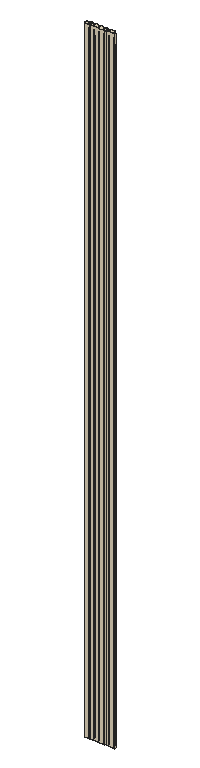
Revit family "HOB_GEN_Symphony_Cello_5s", category Generic Models, Revit 2026
Family settings
  Can host rebar = No
  Round Connector Dimension = Use Diameter
  Part Type = Normal
  Work Plane-Based = No
  Always vertical = Yes
  Cut with Voids When Loaded = No
  Maintain Annotation Orientation = No
  Shared = Yes
  Room Calculation Point = No
Parameters
  SectionArea = 0.002 m²  # constant formula
  Material = Bamboo_horizontalGrain
  Length [instance] = 2900 mm
  Default Elevation = 0 mm
  BambooVolume [instance] = 0.002 m² * Length  # 0.0058 m³
Reference planes
  plane 1 "Center (Front/Back)": y = 0
  plane 2: z = 0
  plane 3 "Center (Left/Right)": x = 0
  plane 4: x = 140
  plane 5: y = 18
  plane 6: z = 2900
Forms (mm)
  Extrusion 1, solid, material "Bamboo_horizontalGrain" <- "Material"
    sketch origin (0, 0, 0) x (1, 0, 0) y (0, 1, 0)
      loop
        arc (15.903, 17.094) -> (15.58, 17.74) -> (14.907, 18) r 1
        line (14.907, 18) -> (1.928, 18)
        arc (1.928, 18) -> (1.254, 17.74) -> (0.932, 17.094) r 1
        line (0.932, 17.094) -> (0, 7.2) -> (4.999, 7.2) -> (4.999, 0) -> (25.452, 0)
        arc (25.452, 0) -> (26.126, 0.261) -> (26.448, 0.907) r 1
        line (26.448, 0.907) -> (27.363, 10.732)
        arc (27.363, 10.732) -> (29.852, 13) -> (32.342, 10.732) r 2.5
        line (32.342, 10.732) -> (33.257, 0.907)
        arc (33.257, 0.907) -> (33.579, 0.261) -> (34.252, 0) r 1
        line (34.252, 0) -> (95.452, 0)
        arc (95.452, 0) -> (96.126, 0.261) -> (96.448, 0.907) r 1
        line (96.448, 0.907) -> (97.363, 10.732)
        arc (97.363, 10.732) -> (99.852, 13) -> (102.342, 10.732) r 2.5
        line (102.342, 10.732) -> (103.257, 0.907)
        arc (103.257, 0.907) -> (103.579, 0.261) -> (104.252, 0) r 1
        line (104.252, 0) -> (139.839, 0) -> (139.839, 7.2) -> (134.799, 7.2)
        arc (134.799, 7.2) -> (132.284, 5.002) -> (129.828, 7.267) r 2.5
        line (129.828, 7.267) -> (128.903, 17.094)
        arc (128.903, 17.094) -> (128.58, 17.74) -> (127.907, 18) r 1
        line (127.907, 18) -> (114.928, 18)
        arc (114.928, 18) -> (114.254, 17.74) -> (113.932, 17.094) r 1
        line (113.932, 17.094) -> (113.006, 7.267)
        arc (113.006, 7.267) -> (110.517, 5.002) -> (108.028, 7.267) r 2.5
        line (108.028, 7.267) -> (107.103, 17.094)
        arc (107.103, 17.094) -> (106.78, 17.74) -> (106.107, 18) r 1
        line (106.107, 18) -> (92.128, 18)
        arc (92.128, 18) -> (91.454, 17.74) -> (91.132, 17.094) r 1
        line (91.132, 17.094) -> (90.206, 7.267)
        arc (90.206, 7.267) -> (87.717, 5.002) -> (85.228, 7.267) r 2.5
        line (85.228, 7.267) -> (84.303, 17.094)
        arc (84.303, 17.094) -> (83.98, 17.74) -> (83.307, 18) r 1
        line (83.307, 18) -> (69.328, 18)
        arc (69.328, 18) -> (68.654, 17.74) -> (68.332, 17.094) r 1
        line (68.332, 17.094) -> (67.406, 7.267)
        arc (67.406, 7.267) -> (64.917, 5.002) -> (62.428, 7.267) r 2.5
        line (62.428, 7.267) -> (61.503, 17.094)
        arc (61.503, 17.094) -> (61.18, 17.74) -> (60.507, 18) r 1
        line (60.507, 18) -> (46.528, 18)
        arc (46.528, 18) -> (45.854, 17.74) -> (45.532, 17.094) r 1
        line (45.532, 17.094) -> (44.606, 7.267)
        arc (44.606, 7.267) -> (42.117, 5.002) -> (39.628, 7.267) r 2.5
        line (39.628, 7.267) -> (38.703, 17.094)
        arc (38.703, 17.094) -> (38.38, 17.74) -> (37.707, 18) r 1
        line (37.707, 18) -> (23.728, 18)
        arc (23.728, 18) -> (23.054, 17.74) -> (22.732, 17.094) r 1
        line (22.732, 17.094) -> (21.806, 7.267)
        arc (21.806, 7.267) -> (19.317, 5.002) -> (16.828, 7.267) r 2.5
        line (16.828, 7.267) -> (15.903, 17.094)
    from 0 to 2900
Dimensions and locks
  plane 3 "Center (Left/Right)" to plane 4 = 140 mm
  plane 5 to plane 1 "Center (Front/Back)" = 18 mm
  "Length": plane 6 to plane 2
  aligned and locked: level to plane 2
  aligned and locked: plane 6 to Extrusion 1
  aligned and locked: Extrusion 1 to level
Automatic sketch dimensions
  Extrusion 1 sketch curve to plane 3 "Center (Left/Right)" = 0 mm
  Extrusion 1 sketch curve to plane 5 = 0 mm  (x6)
  plane 1 "Center (Front/Back)" to Extrusion 1 sketch curve = 0 mm  (x3)
  plane 3 "Center (Left/Right)" to Extrusion 1 sketch curve = 0.932 mm
  Extrusion 1 sketch curve to Extrusion 1 sketch curve = 0.996 mm  (x8)
  plane 3 "Center (Left/Right)" to Extrusion 1 sketch curve = 4.999 mm
  Extrusion 1 sketch curve to plane 5 = 1 mm  (x7)
  Extrusion 1 sketch curve to Extrusion 1 sketch curve = 12.98 mm
  Extrusion 1 sketch curve to plane 5 = 0.906 mm  (x11)
  Extrusion 1 sketch curve to Extrusion 1 sketch curve = 0.926 mm  (x4)
  Extrusion 1 sketch curve to Extrusion 1 sketch curve = 2.489 mm  (x9)
  Extrusion 1 sketch curve to plane 1 "Center (Front/Back)" = 7.267 mm  (x9)
  Extrusion 1 sketch curve to Extrusion 1 sketch curve = 6.829 mm  (x5)
  Extrusion 1 sketch curve to Extrusion 1 sketch curve = 3.646 mm
  Extrusion 1 sketch curve to plane 1 "Center (Front/Back)" = 0.907 mm  (x4)
  Extrusion 1 sketch curve to plane 5 = 7.268 mm  (x4)
  Extrusion 1 sketch curve to Extrusion 1 sketch curve = 5.557 mm
  Extrusion 1 sketch curve to Extrusion 1 sketch curve = 6.809 mm  (x2)
  Extrusion 1 sketch curve to Extrusion 1 sketch curve = 5.366 mm
  Extrusion 1 sketch curve to Extrusion 1 sketch curve = 7.287 mm
  Extrusion 1 sketch curve to Extrusion 1 sketch curve = 13.98 mm  (x2)
  Extrusion 1 sketch curve to plane 1 "Center (Front/Back)" = 1 mm
  Extrusion 1 sketch curve to Extrusion 1 sketch curve = 5.246 mm
  Extrusion 1 sketch curve to Extrusion 1 sketch curve = 7.157 mm
  Extrusion 1 sketch curve to Extrusion 1 sketch curve = 3.766 mm
  Extrusion 1 sketch curve to Extrusion 1 sketch curve = 5.687 mm
  Extrusion 1 sketch curve to plane 4 = 12.093 mm
  Extrusion 1 sketch curve to Extrusion 1 sketch curve = 2.482 mm
  Extrusion 1 sketch curve to plane 4 = 0.161 mm
  Extrusion 1 sketch curve to plane 1 "Center (Front/Back)" = 7.2 mm  (x2)
  Extrusion 1 sketch curve to Extrusion 1 sketch curve = 0.067 mm
  Extrusion 1 sketch curve to Extrusion 1 sketch curve = 0.234 mm  (x5)
  Extrusion 1 sketch curve to Extrusion 1 sketch curve = 0.232 mm  (x2)
  Extrusion 1 sketch curve to Extrusion 1 sketch curve = 1 mm
